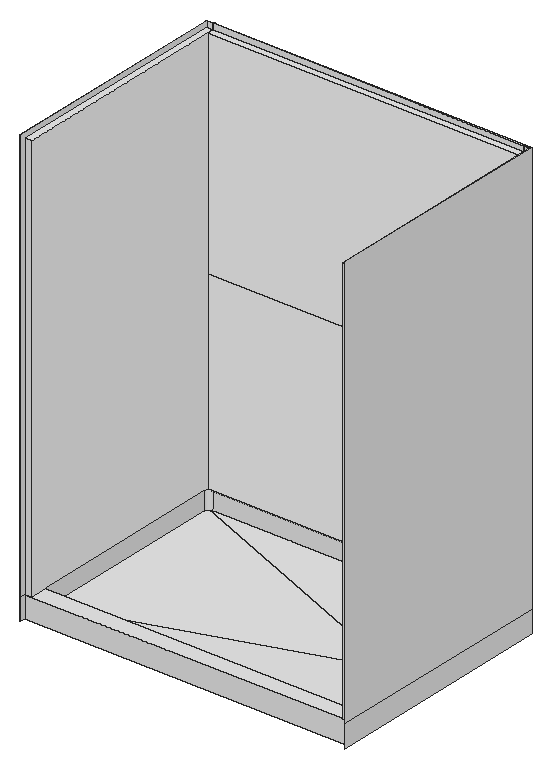
Revit family "5LBS6042FB.V2 L-R", category Plumbing Fixtures, Revit 2019
Family settings
  Round Connector Dimension = Use Diameter
  Part Type = Normal
  OmniClass Number = 23.45.05.14.17
  OmniClass Title = Showers
  Work Plane-Based = No
  Always vertical = Yes
  Cut with Voids When Loaded = No
  Shared = No
  Room Calculation Point = No
Parameters (values of type "5LBS6042FB.V2 L/R")
  Unit Width = 60"
  Unit Height = 80 1/2"
  Unit Depth = 43"
  URL = "http://www.bestbath.com/"
  Type Comments = "Remodeler"
  Model = "5LBS6042FB.V2 L/R"
  Material [instance] = Best Bath Gelcoat Fiberglass - 4x8 Subway Tile
  Manufacturer = "Best Bath Systems, Inc."
  Keynote = "22 40 00.B3"
  Description = "4 x8 Subway Tile"
  Assembly Code = "D2010710"
Reference planes (in)
  plane 1: z = 0
  plane 2 "Left": x = 0
  plane 3: z = 79.5
  plane 4: z = 80.5
  plane 5: y = 4.36165
  plane 6: y = 46.36165
  plane 7: x = 60
  plane 8: y = 45.11165
  plane 9: y = 25.36165
  plane 10: z = 0.375
  plane 11: z = 0.75
  plane 12: z = 39.5
  plane 13: z = 4
  plane 14: y = 3.36165
  plane 15: z = 43.125
  plane 16: x = 51
Forms (in)
  Extrusion 1, solid, material "Best Bath Gelcoat Fiberglass - Smooth"
    sketch origin (0, 0, 0) x (1, 0, 0) y (0, 1, 0)
      loop
        line (0, 4.36165) -> (60, 4.36165) -> (60, 46.36165) -> (0, 46.36165) -> (0, 4.36165)
      loop
        circle (51, 25.36165) r 1.625
    from 0 to 0.75
  Extrusion 2, solid, material "Best Bath Gelcoat Fiberglass - Smooth"
    sketch origin (0, 0, 0) x (1, 0, 0) y (0, 1, 0)
      loop
        line (1.25, 46.36165) -> (1.25, 45.11165) -> (58.75, 45.11165) -> (58.75, 46.36165) -> (1.25, 46.36165)
    from 4 to 39.5
  Blend 3, void
    base sketch origin (0, 0, 0) x (1, 0, 0) y (0, 1, 0)
      loop
        line (1.25, 8.38049) -> (58.75, 8.38049) -> (58.75, 45.11165) -> (1.25, 45.11165) -> (1.25, 8.38049)
    top sketch origin (0, 0, 0) x (1, 0, 0) y (0, 1, 0)
      loop
        circle (51, 25.36165) r 0.07952
    from 0.75 to 0.375
  Extrusion 4, solid, material "Best Bath Gelcoat Fiberglass - Smooth"
    sketch origin (0, 0, 0) x (1, 0, 0) y (0, 1, 0)
      loop
        line (1.25, 46.36165) -> (1.25, 45.11165) -> (58.75, 45.11165) -> (58.75, 46.36165) -> (1.25, 46.36165)
    from 39.5 to 79.5
  Extrusion 5, solid, material "Best Bath Gelcoat Fiberglass - Smooth"
    sketch origin (0.25, 0, 0) x (1, 0, 0) y (0, 1, 0)
      loop
        line (-0.25, 4.36165) -> (1, 4.36165) -> (1, 46.36165) -> (-0.25, 46.36165) -> (-0.25, 4.36165)
      loop
        line (59.75, 4.36165) -> (59.75, 46.36165) -> (58.5, 46.36165) -> (58.5, 4.36165) -> (59.75, 4.36165)
    from 4 to 79.5
  Extrusion 6, solid, material "Best Bath Gelcoat Fiberglass - Smooth"
    sketch origin (0, 0, 0) x (1, 0, 0) y (0, 1, 0)
      loop
        line (0, 46.36165) -> (0, 4.36165) -> (1.25, 4.36165) -> (1.25, 44.11165)
        arc (1.25, 44.11165) -> (1.54289, 44.81875) -> (2.25, 45.11165) r 1
        line (2.25, 45.11165) -> (57.75, 45.11165)
        arc (57.75, 45.11165) -> (58.45711, 44.81875) -> (58.75, 44.11165) r 1
        line (58.75, 44.11165) -> (58.75, 4.36165) -> (60, 4.36165) -> (60, 45.11165) -> (60, 46.36165) -> (0, 46.36165)
    from 0 to 4
  Sweep 7, solid, material "Best Bath Gelcoat Fiberglass - Smooth"
    path origin (0, 0, 0) x (1, 0, 0) y (0, 1, 0)
      loop
        line (1.25, 4.36165) -> (58.75, 4.36165)
    profile origin (30, 4.36165, 0) x (0, 1, 0) y (0, 0, 1)
      loop
        line (0, 0) -> (3.8, 0) -> (3, 4) -> (0, 4) -> (0, 0)
  Extrusion 8, solid, material "Best Bath Gelcoat Fiberglass - Smooth"
    sketch origin (0, 0, 0) x (1, 0, 0) y (0, 1, 0)
      loop
        line (0, 4.36165) -> (0, 3.36165) -> (0.125, 3.36165) -> (0.125, 4.36165) -> (0, 4.36165)
      loop
        line (60, 4.36165) -> (59.875, 4.36165) -> (59.875, 3.36165) -> (60, 3.36165) -> (60, 4.36165)
    from 0 to 4
  Extrusion 9, solid, material "Best Bath Gelcoat Fiberglass - Smooth"
    sketch origin (0, 0, 0) x (1, 0, 0) y (0, 1, 0)
      loop
        line (1.25, 46.36165) -> (1.25, 46.23665) -> (58.75, 46.23665) -> (58.75, 46.36165) -> (1.25, 46.36165)
    from 79.5 to 80.5
  Extrusion 10, solid, material "Best Bath Gelcoat Fiberglass - Smooth"
    sketch origin (0, 0, 0) x (1, 0, 0) y (0, 1, 0)
      loop
        line (0, 3.36165) -> (0.125, 3.36165) -> (0.125, 46.23665) -> (1.25, 46.23665) -> (1.25, 46.36165) -> (0, 46.36165) -> (0, 3.36165)
      loop
        line (60, 3.36165) -> (60, 46.36165) -> (58.75, 46.36165) -> (58.75, 46.23665) -> (59.875, 46.23665) -> (59.875, 3.36165) -> (60, 3.36165)
    from 4 to 80.5
Cuts and joins
  Blend 3 cuts Extrusion 1
  joined: Extrusion 1, Extrusion 6, Sweep 7, Extrusion 8
  joined: Extrusion 4, Extrusion 9
  joined: Extrusion 5, Extrusion 10
Dimensions and locks (in)
  locked: plane 4 to plane 3 at 1
  "Unit Height": plane 4 to level
  "Unit Width": plane 2 "Left" to plane 7
  plane 6 to plane 8 = 1 1/4"
  locked: plane 6 to plane 9 at 21
  locked: plane 11 to level at 0.75
  locked: plane 11 to plane 10 at 0.375
  locked: plane 12 to plane 13 at 35.5
  plane 13 to level = 4"
  locked: plane 5 to plane 14 at 1
  "Unit Depth": plane 6 to plane 14
  locked: plane 15 to plane 12 at 3.625
  cut or joined group of Extrusion 1, Blend 3, Extrusion 6, Sweep 7, Extrusion 8 to plane 5 = 3"
  locked: plane 16 to plane 7 at 9
  aligned and locked: level to plane 1
  aligned and locked: Extrusion 1 sketch curve to plane 5
  aligned and locked: Extrusion 1 sketch curve to plane 2 "Left"
  aligned and locked: plane 6 to Extrusion 1 sketch curve
  aligned and locked: Extrusion 1 sketch curve to plane 7
  aligned and locked: plane 9 to Extrusion 1 sketch curve
  aligned and locked: plane 11 to Extrusion 1
  aligned and locked: plane 9 to Blend 3 sketch curve
  aligned and locked: Extrusion 1 to Blend 3
  aligned and locked: Blend 3 to plane 10
  aligned and locked: plane 12 to Extrusion 2
  aligned and locked: Extrusion 4 to Extrusion 2
  aligned and locked: plane 3 to Extrusion 4
  aligned and locked: plane 3 to Extrusion 5
  aligned and locked: plane 13 to Extrusion 6
  aligned and locked: Extrusion 5 to plane 13
  aligned and locked: plane 13 to cut or joined group of Extrusion 1, Blend 3, Extrusion 6, Sweep 7, Extrusion 8
  aligned and locked: Extrusion 2 to plane 13
  aligned and locked: Extrusion 8 to Extrusion 2
  aligned and locked: Extrusion 9 to plane 3
  aligned and locked: plane 4 to Extrusion 9
  aligned and locked: Extrusion 10 to Extrusion 2
  aligned and locked: plane 4 to Extrusion 10
  aligned and locked: plane 16 to Extrusion 1 sketch curve
  aligned and locked: plane 16 to Blend 3 sketch curve
Automatic sketch dimensions
  Extrusion 2 sketch curve to plane 8 = 0"
  Extrusion 2 sketch curve to plane 6 = 0"
  plane 2 "Left" to Extrusion 2 sketch curve = 1 1/4"
  plane 7 to Extrusion 2 sketch curve = 1 1/4"
  Blend 3 sketch curve to plane 8 = 0"
  plane 2 "Left" to Blend 3 sketch curve = 1 1/4"
  plane 7 to Blend 3 sketch curve = 1 1/4"
  plane 5 to Blend 3 sketch curve = 4.01884"
  Extrusion 4 sketch curve to plane 8 = 0"
  Extrusion 4 sketch curve to plane 6 = 0"
  plane 2 "Left" to Extrusion 4 sketch curve = 1 1/4"
  plane 7 to Extrusion 4 sketch curve = 1 1/4"
  Extrusion 5 sketch curve to plane 2 "Left" = 0"
  Extrusion 5 sketch curve to plane 5 = 0"  (x2)
  Extrusion 5 sketch curve to plane 6 = 0"  (x2)
  Extrusion 5 sketch curve to plane 7 = 0"
  Extrusion 5 sketch curve to Extrusion 5 sketch curve = 1 1/4"
  Extrusion 6 sketch curve to plane 2 "Left" = 0"
  Extrusion 6 sketch curve to plane 5 = 0"  (x2)
  Extrusion 6 sketch curve to plane 8 = 0"  (x2)
  Extrusion 6 sketch curve to plane 7 = 0"
  Extrusion 6 sketch curve to plane 6 = 0"
  Extrusion 6 sketch curve to Extrusion 6 sketch curve = 1 1/4"
  Extrusion 6 sketch curve to Extrusion 6 sketch curve = 1"
  Extrusion 6 sketch curve to plane 8 = 1"
  plane 7 to Extrusion 6 sketch curve = 2 1/4"
  Sweep 7 sketch curve to plane 5 = 0"
  plane 2 "Left" to Sweep 7 sketch curve = 1 1/4"
  plane 7 to Sweep 7 sketch curve = 1 1/4"
  Sweep 7 sketch curve to profile plane = 0"
  Sweep 7 sketch curve to level = 0"
  Sweep 7 sketch curve to profile plane = 3.8"
  level to Sweep 7 sketch curve = 4"
  Extrusion 8 sketch curve to plane 2 "Left" = 0"
  Extrusion 8 sketch curve to plane 14 = 0"  (x2)
  Extrusion 8 sketch curve to plane 5 = 0"  (x2)
  Extrusion 8 sketch curve to plane 7 = 0"
  plane 2 "Left" to Extrusion 8 sketch curve = 1/8"
  Extrusion 8 sketch curve to Extrusion 8 sketch curve = 1/8"
  Extrusion 9 sketch curve to plane 6 = 0"
  Extrusion 9 sketch curve to plane 6 = 1/8"
  plane 2 "Left" to Extrusion 9 sketch curve = 1 1/4"
  plane 7 to Extrusion 9 sketch curve = 1 1/4"
  plane 7 to Extrusion 5 sketch curve = 1 1/4"
  Extrusion 10 sketch curve to plane 2 "Left" = 0"
  Extrusion 10 sketch curve to plane 14 = 0"  (x2)
  Extrusion 10 sketch curve to plane 6 = 0"  (x2)
  Extrusion 10 sketch curve to plane 7 = 0"
  plane 2 "Left" to Extrusion 10 sketch curve = 1/8"
  Extrusion 10 sketch curve to plane 6 = 1/8"  (x2)
  Extrusion 10 sketch curve to Extrusion 10 sketch curve = 1 1/8"
  plane 7 to Extrusion 10 sketch curve = 1 1/4"
  plane 7 to Extrusion 10 sketch curve = 1/8"
  Sweep 7 sketch curve to profile plane = 3"
  radius of Extrusion 1 sketch curve = 1 5/8"
  radius of Blend 3 sketch curve = 0.07952"
